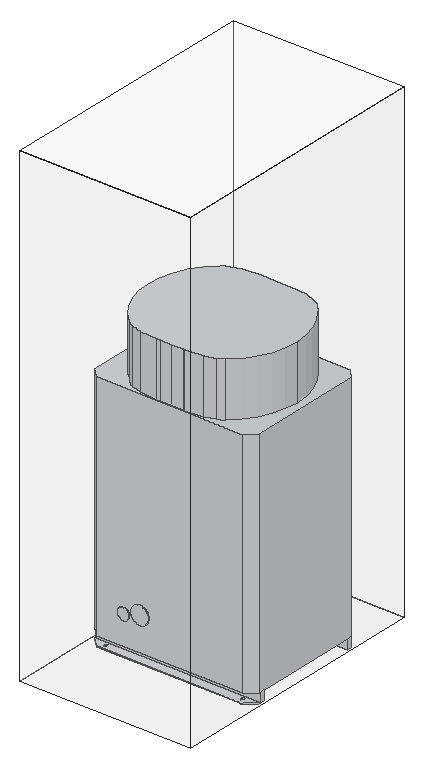
Revit family "室外機（高効率EX60Hz）_MEE修正", category 機械設備, Revit 2019
Family settings
  丸型コネクタ寸法 = 直径を使用
  パーツ タイプ = 標準
  OmniClass 番号 = 23.75.10.24.21.27.27
  OmniClass タイトル = Split System Air Conditioning Units
  作業面ベース = いいえ
  常に垂直 = はい
  ロード時にボイドで切り取り = いいえ
  共有 = いいえ
  部屋計算ポイント = いいえ
Parameters (values of type "PUHY-EP140DMG7_タイプA")
  風量（m3／min） = 165
  風量 = MAX風量  # 9900.0 m³/h
  音響パワーレベル(dB) = 76
  電源種別 = ""
  電源位置2Y（ユニット3） = 121 mm
  電源位置2Y（ユニット2） = 121 mm
  電源位置2Y（ユニット1） = 121 mm
  電源位置2X（ユニット3） = 177 mm
  電源位置2X（ユニット2） = 177 mm
  電源位置2X（ユニット1） = 177 mm
  電源位置1Z（ユニット3） = 217 mm
  電源位置1Z（ユニット2） = 217 mm
  電源位置1Z（ユニット1） = 217 mm
  電源位置1X（ユニット3） = 201 mm
  電源位置1X（ユニット2） = 201 mm
  電源位置1X（ユニット1） = 201 mm
  電圧 = 200 V
  電動機出力_送風機 = 0.35 kW
  電動機出力_圧縮機 = 3.77 kW
  集中コントローラ [instance] = ""
  運転質量 = 0.00 kg
  運転方法 = "冷暖切替"
  質量 = if(製品質量 > 運転質量, 製品質量, 運転質量) * 1.2  # 202.80 kg
  負荷分類 = 1_熱源類
  説明 = "ビル用マルチエアコン　Y　GR高効率EX　室外機"
  設計暖房能力 [instance] = 0 kW
  設計冷房能力_顕熱 [instance] = 0 kW
  設計冷房能力 [instance] = 0 kW
  設置方法 = "床置形"
  記号 [instance] = ""
  製造元 = "三菱電機株式会社"
  製品質量 = 169.00 kg
  製品出荷対象 = "国内"
  製品リリース年月 = "2020/7/22"
  製品グループ = ""
  系統 [instance] = ""
  符号 = "EHP"
  積算_科目 = "1 空気調和設備"
  積算_拾い区分 [instance] = ""
  相 = 3
  盤記号 [instance] = ""
  発停方法 = "付属スイッチ"
  特殊仕様 [instance] = ""
  消費電力_暖房 = 4.76 kW
  消費電力_冷房 = 3.6 kW
  消費電力 = if(消費電力_冷房 > 消費電力_暖房, 消費電力_冷房, 消費電力_暖房)  # 4.76 kW
  法定耐用年数 = "15"
  極数 = 3
  材質 [instance] = ""
  本体マテリアル = none
  最小電線太さ_mm2 = 5.5
  最大電流値 = 0 A
  暖房能力 = 16 kW
  推奨ブレーカー容量 = 30 A
  据付ピッチ1 = 0 mm
  形式 = "マルチパッケージ形 室外機"
  幹線記号 [instance] = ""
  始動方式 = ""
  呼称 = "マルチパッケージ形空気調和機"
  周波数 = 60 Hz
  参照している仕様書等のバージョン = "公共建築工事標準仕様書（機械設備工事編）平成31年度版"
  分類コード = "50053003300020"
  分類グループ = ""
  冷房能力 = 14 kW
  冷媒管（液）位置2 (ユニット3) = 147 mm
  冷媒管（液）位置2 (ユニット2) = 147 mm
  冷媒管（液）位置1 (ユニット3） = 251 mm
  冷媒管（ガス）位置2 (ユニット3) = 137 mm
  冷媒管（ガス）位置2 (ユニット2) = 137 mm
  冷媒管（ガス）位置1 (ユニット3) = 83 mm
  冷媒管（ガス）位置1 (ユニット1) = 83 mm
  冷媒管（液）位置1 (ユニット1) = 251 mm
  冷媒管（液）位置2 (ユニット1) = 147 mm
  冷媒管（ガス）位置2 (ユニット1) = 137 mm
  冷媒管（ガス）位置1 (ユニット2) = 83 mm
  冷媒管（液）位置1 (ユニット2） = 251 mm
  冷媒管長 [instance] = 0 mm
  冷媒管径符号 = "Bd"
  冷媒管径3 = 100.00 mm
  冷媒管径2 = 100.00 mm
  冷媒管径 = 100.00 mm
  冷媒管位置3 (ユニット3) = 242 mm
  冷媒管位置3 (ユニット2) = 242 mm
  冷媒管位置3 (ユニット1) = 242 mm
  冷媒管位置2 (ユニット3) = 142 mm
  冷媒管位置2 (ユニット2) = 142 mm
  冷媒管位置1 (ユニット2) = 292.5 mm
  冷媒管位置2 (ユニット1) = 142 mm
  冷媒管位置1 (ユニット3) = 292.5 mm
  冷媒管位置1 (ユニット1) = 292.5 mm
  冷媒液管径3 = 9.52 mm
  冷媒液管径2 = 9.52 mm
  冷媒液管径 = 9.52 mm
  冷媒ガス管径3 = 15.88 mm
  冷媒ガス管径2 = 15.88 mm
  冷媒ガス管径 = 15.88 mm
  企業コード = "108420"
  付属品 [instance] = ""
  仕様書バージョン = "Version1.0"
  ユニット隙間 = if(サービススペース_タイプA, 30 mm, 100 mm)  # 30 mm
  ユニット数 = 1
  ユニットタイプ3 = 筐体モジュール（高効率EX） : 140筐体
  ユニットタイプ2 = 筐体モジュール（高効率EX） : 140筐体
  ユニットタイプ1 = 筐体モジュール（高効率EX） : 140筐体
  ユニット3_S = no
  ユニット3_L = no
  ユニット3 = no
  ユニット2_S = no
  ユニット2_L = no
  ユニット2 = no
  ユニット1_S = no
  ユニット1_L = no
  モデル = "PUHY-EP140DMG7"
  ドレン管径 = 0.00 mm
  サービススペース_タイプA = yes
  サービススペース = yes
  コメント [instance] = ""
  ケーブル種類 = ""
  ケーブルサイズ = 0 mm
  アンカーボルト位置Y（ユニット3） = 681 mm
  アンカーボルト位置Y（ユニット2） = 681 mm
  アンカーボルト位置Y（ユニット1） = 681 mm
  アンカーボルト位置X（ユニット3） = 760 mm
  アンカーボルト位置X（ユニット2） = 760 mm
  アンカーボルト位置X（ユニット1） = 760 mm
  Width3 = 920 mm
  Width2 = 920 mm
  Width1 = 920 mm
  Width = if(ユニット3, Width1 + Width2 + Width3 + 2 * ユニット隙間, if(ユニット2, Width1 + Width2 + 1 * ユニット隙間, Width1))  # 920 mm
  Version = ""
  Uniclass2015Version = "Systems v1.9"
  Uniclass2015Title = "Split coil remote air cooled condensing units"
  Uniclass2015Code = "Pr_70_65_03_84"
  URL = "https://www.mitsubishielectric.co.jp/ldg/wink/ssl/displayProduct.do?pid=307677"
  SpecificationReference = ""
  SpecificationDescription = ""
  Revision = ""
  ProductInformation = ""
  OmniClassCode = "23-75 10 24 21 27 27"
  MAX風量 = 風量（m3／min） * 60.0 m³/h  # 9900.0 m³/h
  IfcTypeProduct = ""
  IfcProduct = ""
  IfcExportType = "AIRCONDITIONINGUNIT"
  IfcExportAs = "IfcUnitaryEquipmentType"
  Height = 1650 mm
  Depth = 740 mm
  Clearance Top [instance] = if(サービススペース_タイプA, 1000 mm, 1000 mm)  # 1000 mm
  Clearance Right [instance] = if(サービススペース_タイプA, 15 mm, 50 mm)  # 15 mm
  Clearance Left [instance] = if(サービススペース_タイプA, 15 mm, 50 mm)  # 15 mm
  Clearance Front [instance] = if(サービススペース_タイプA, 450 mm, 450 mm)  # 450 mm
  Clearance Back [instance] = if(サービススペース_タイプA, 300 mm, 100 mm)  # 300 mm
  COP = 0
  Author = "三菱電機株式会社"
  APF = 5.7
Reference planes
  plane 1 "中心(正面/背面)": y = 0
  plane 2: z = 0
  plane 3 "中心(左/右)": x = 2230
  plane 4 "右": x = 2690
  plane 5 "左": x = 1770
  plane 6 "背面": y = 370
  plane 7 "正面": y = -370
  plane 8: z = 1347
  plane 9 "上部": z = 1650
  plane 10 "Clearanse Top": z = 2650
  plane 11: x = 162.5
  plane 12 "冷媒操作弁ガス芯2": y = -228
  plane 13 "冷媒操作弁液芯2": y = -228
  plane 14 "SS_back": y = 670
  plane 15 "SS_front": y = -820
  plane 16 "SS_left": x = 1755
  plane 17 "SS_right": x = 2705
  plane 18: x = 790
  plane 19: x = 820
  plane 20: x = 1740
  plane 21: x = 1770
  plane 22: x = -130
  plane 23: x = 1112.5
  plane 24: x = 2062.5
  plane 25: x = 330
  plane 26: x = 1280
  plane 27: x = 2230
  plane 28: z = 53
  plane 29: z = 242
  plane 30: y = -228
  plane 31: z = 54
  plane 32: z = 242
  plane 33: z = 242
  plane 34: z = 217
  plane 35: z = 217
  plane 36: z = 217
  plane 37: y = -249
  plane 38: y = -249
  plane 39: y = -249
  plane 40: x = 1947
  plane 41: x = 997
  plane 42: x = 47
  plane 43: x = 71
  plane 44: x = 1021
  plane 45: x = 1971
Forms (mm)
  Extrusion 1, solid, detail levels fine
    sketch origin (0, -370, 0) x (1, 0, 0) y (0, 0, 1)
      loop
        circle (2062.5, 242) r 50
    from 0 to 1
  Extrusion 2, solid, visible <- "ユニット2", detail levels fine
    sketch origin (0, -370, 0) x (1, 0, 0) y (0, 0, 1)
      loop
        circle (1112.5, 242) r 50
    from 0 to 1
  Extrusion 3, solid, visible <- "ユニット3", detail levels fine
    sketch origin (0, -370, 0) x (1, 0, 0) y (0, 0, 1)
      loop
        circle (162.5, 242) r 50
    from 0 to 1
  Extrusion 4, solid, detail levels fine
    sketch origin (-1437.329, -1524, 54) x (-1, 0, 0) y (0, -1, 0)
      loop
        circle (-3499.829, -1296) r 50
    from 0 to -1
  Extrusion 5, solid, visible <- "ユニット2", detail levels fine
    sketch origin (-1437.329, -1524, 54) x (-1, 0, 0) y (0, -1, 0)
      loop
        circle (-2549.829, -1296) r 50
    from 0 to -1
  Extrusion 6, solid, visible <- "ユニット3", detail levels fine
    sketch origin (-1437.329, -1524, 54) x (-1, 0, 0) y (0, -1, 0)
      loop
        circle (-1599.829, -1296) r 50
    from 0 to -1
  Extrusion 7, solid, detail levels fine
    sketch origin (-1437.329, -1524, 54) x (-1, 0, 0) y (0, -1, 0)
      loop
        circle (-3384.329, -1275) r 32.5
    from -1 to 0
  Extrusion 8, solid, visible <- "ユニット2", detail levels fine
    sketch origin (-1437.329, -1524, 54) x (-1, 0, 0) y (0, -1, 0)
      loop
        circle (-2434.329, -1275) r 32.5
    from -1 to 0
  Extrusion 9, solid, visible <- "ユニット3", detail levels fine
    sketch origin (-1437.329, -1524, 54) x (-1, 0, 0) y (0, -1, 0)
      loop
        circle (-1484.329, -1275) r 32.5
    from -1 to 0
  Extrusion 10, solid, detail levels fine
    sketch origin (0, -370, 0) x (1, 0, 0) y (0, 0, 1)
      loop
        circle (1971, 217) r 32.5
    from 0 to 1
  Extrusion 11, solid, visible <- "ユニット2", detail levels fine
    sketch origin (0, -370, 0) x (1, 0, 0) y (0, 0, 1)
      loop
        circle (1021, 217) r 32.5
    from 0 to 1
  Extrusion 12, solid, visible <- "ユニット3", detail levels fine
    sketch origin (0, -370, 0) x (1, 0, 0) y (0, 0, 1)
      loop
        circle (71, 217) r 32.5
    from 0 to 1
Lines and regions (mm)
  model lines, not visible
    curve 1: line (460, 178.667, 1289.179) -> (460, 297.73, 1289.179)
    curve 2: line (460, 178.667, 1056.056) -> (460, 178.667, 1289.179)
    curve 3: line (460, 297.73, 1056.056) -> (460, 178.667, 1056.056)
    curve 4: line (460, 297.73, 1289.179) -> (460, 297.73, 1056.056)
    curve 5: line (460, 47.598, 1289.179) -> (460, 166.661, 1289.179)
    curve 6: line (460, 47.598, 1056.056) -> (460, 47.598, 1289.179)
    curve 7: line (460, 166.661, 1056.056) -> (460, 47.598, 1056.056)
    curve 8: line (460, 166.661, 1289.179) -> (460, 166.661, 1056.056)
    curve 9: line (460, -83.471, 1289.179) -> (460, 35.592, 1289.179)
    curve 10: line (460, -83.471, 1056.056) -> (460, -83.471, 1289.179)
    curve 11: line (460, 35.592, 1056.056) -> (460, -83.471, 1056.056)
    curve 12: line (460, 35.592, 1289.179) -> (460, 35.592, 1056.056)
    curve 13: line (460, -150.779, 1289.179) -> (460, -95.75, 1289.179)
    curve 14: line (460, -150.779, 1056.056) -> (460, -150.779, 1289.179)
    curve 15: line (460, -95.75, 1056.056) -> (460, -150.779, 1056.056)
    curve 16: line (460, -95.75, 1289.179) -> (460, -95.75, 1056.056)
    curve 17: line (460, -150.779, 1283.175) -> (460, -132.596, 1283.175)
    curve 18: line (460, -150.779, 1062.059) -> (460, -150.779, 1283.175)
    curve 19: line (460, -132.596, 1062.059) -> (460, -150.779, 1062.059)
    curve 20: line (460, -132.596, 1283.175) -> (460, -132.596, 1062.059)
    curve 21: line (460, 178.667, 1046.051) -> (460, 297.73, 1046.051)
    curve 22: line (460, 178.667, 812.928) -> (460, 178.667, 1046.051)
    curve 23: line (460, 297.73, 812.928) -> (460, 178.667, 812.928)
    curve 24: line (460, 297.73, 1046.051) -> (460, 297.73, 812.928)
    curve 25: line (460, 47.598, 1046.051) -> (460, 166.661, 1046.051)
    curve 26: line (460, 47.598, 812.928) -> (460, 47.598, 1046.051)
    curve 27: line (460, 166.661, 812.928) -> (460, 47.598, 812.928)
    curve 28: line (460, 166.661, 1046.051) -> (460, 166.661, 812.928)
    curve 29: line (460, -83.471, 1046.051) -> (460, 35.592, 1046.051)
    curve 30: line (460, -83.471, 812.928) -> (460, -83.471, 1046.051)
    curve 31: line (460, 35.592, 812.928) -> (460, -83.471, 812.928)
    curve 32: line (460, 35.592, 1046.051) -> (460, 35.592, 812.928)
    curve 33: line (460, -150.779, 1046.051) -> (460, -95.75, 1046.051)
    curve 34: line (460, -150.779, 812.928) -> (460, -150.779, 1046.051)
    curve 35: line (460, -95.75, 812.928) -> (460, -150.779, 812.928)
    curve 36: line (460, -95.75, 1046.051) -> (460, -95.75, 812.928)
    curve 37: line (460, -150.779, 1040.048) -> (460, -132.596, 1040.048)
    curve 38: line (460, -150.779, 818.931) -> (460, -150.779, 1040.048)
    curve 39: line (460, -132.596, 818.931) -> (460, -150.779, 818.931)
    curve 40: line (460, -132.596, 1040.048) -> (460, -132.596, 818.931)
    curve 41: line (460, 178.667, 802.923) -> (460, 297.73, 802.923)
    curve 42: line (460, 178.667, 569.8) -> (460, 178.667, 802.923)
    curve 43: line (460, 297.73, 569.8) -> (460, 178.667, 569.8)
    curve 44: line (460, 297.73, 802.923) -> (460, 297.73, 569.8)
    curve 45: line (460, 47.598, 802.923) -> (460, 166.661, 802.923)
    curve 46: line (460, 47.598, 569.8) -> (460, 47.598, 802.923)
    curve 47: line (460, 166.661, 569.8) -> (460, 47.598, 569.8)
    curve 48: line (460, 166.661, 802.923) -> (460, 166.661, 569.8)
    curve 49: line (460, -83.471, 802.923) -> (460, 35.592, 802.923)
    curve 50: line (460, -83.471, 569.8) -> (460, -83.471, 802.923)
    curve 51: line (460, 35.592, 569.8) -> (460, -83.471, 569.8)
    curve 52: line (460, 35.592, 802.923) -> (460, 35.592, 569.8)
    curve 53: line (460, -150.779, 802.923) -> (460, -95.75, 802.923)
    curve 54: line (460, -150.779, 569.8) -> (460, -150.779, 802.923)
    curve 55: line (460, -95.75, 569.8) -> (460, -150.779, 569.8)
    curve 56: line (460, -95.75, 802.923) -> (460, -95.75, 569.8)
    curve 57: line (460, -150.779, 796.92) -> (460, -132.596, 796.92)
    curve 58: line (460, -150.779, 575.803) -> (460, -150.779, 796.92)
    curve 59: line (460, -132.596, 575.803) -> (460, -150.779, 575.803)
    curve 60: line (460, -132.596, 796.92) -> (460, -132.596, 575.803)
    curve 61: line (460, 178.667, 559.795) -> (460, 297.73, 559.795)
    curve 62: line (460, 178.667, 326.672) -> (460, 178.667, 559.795)
    curve 63: line (460, 297.73, 326.672) -> (460, 178.667, 326.672)
    curve 64: line (460, 297.73, 559.795) -> (460, 297.73, 326.672)
    curve 65: line (460, 47.598, 559.795) -> (460, 166.661, 559.795)
    curve 66: line (460, 47.598, 326.672) -> (460, 47.598, 559.795)
    curve 67: line (460, 166.661, 326.672) -> (460, 47.598, 326.672)
    curve 68: line (460, 166.661, 559.795) -> (460, 166.661, 326.672)
    curve 69: line (460, -83.471, 559.795) -> (460, 35.592, 559.795)
    curve 70: line (460, -83.471, 326.672) -> (460, -83.471, 559.795)
    curve 71: line (460, 35.592, 326.672) -> (460, -83.471, 326.672)
    curve 72: line (460, 35.592, 559.795) -> (460, 35.592, 326.672)
    curve 73: line (460, -150.779, 559.795) -> (460, -95.75, 559.795)
    curve 74: line (460, -150.779, 326.672) -> (460, -150.779, 559.795)
    curve 75: line (460, -95.75, 326.672) -> (460, -150.779, 326.672)
    curve 76: line (460, -95.75, 559.795) -> (460, -95.75, 326.672)
    curve 77: line (460, -150.779, 553.792) -> (460, -132.596, 553.792)
    curve 78: line (460, -150.779, 332.675) -> (460, -150.779, 553.792)
    curve 79: line (460, -132.596, 332.675) -> (460, -150.779, 332.675)
    curve 80: line (460, -132.596, 553.792) -> (460, -132.596, 332.675)
    curve 81: line (460, 178.667, 316.667) -> (460, 297.73, 316.667)
    curve 82: line (460, 178.667, 83.544) -> (460, 178.667, 316.667)
    curve 83: line (460, 297.73, 83.544) -> (460, 178.667, 83.544)
    curve 84: line (460, 297.73, 316.667) -> (460, 297.73, 83.544)
    curve 85: line (460, 47.598, 316.667) -> (460, 166.661, 316.667)
    curve 86: line (460, 47.598, 83.544) -> (460, 47.598, 316.667)
    curve 87: line (460, 166.661, 83.544) -> (460, 47.598, 83.544)
    curve 88: line (460, 166.661, 316.667) -> (460, 166.661, 83.544)
    curve 89: line (460, -83.471, 316.667) -> (460, 35.592, 316.667)
    curve 90: line (460, -83.471, 83.544) -> (460, -83.471, 316.667)
    curve 91: line (460, 35.592, 83.544) -> (460, -83.471, 83.544)
    curve 92: line (460, 35.592, 316.667) -> (460, 35.592, 83.544)
    curve 93: line (460, -150.779, 316.667) -> (460, -95.75, 316.667)
    curve 94: line (460, -150.779, 83.544) -> (460, -150.779, 316.667)
    curve 95: line (460, -95.75, 83.544) -> (460, -150.779, 83.544)
    curve 96: line (460, -95.75, 316.667) -> (460, -95.75, 83.544)
    curve 97: line (460, -150.779, 310.664) -> (460, -132.596, 310.664)
    curve 98: line (460, -150.779, 89.547) -> (460, -150.779, 310.664)
    curve 99: line (460, -132.596, 89.547) -> (460, -150.779, 89.547)
    curve 100: line (460, -132.596, 310.664) -> (460, -132.596, 89.547)
Dimensions and locks
  plane 8 to level = 1347 mm
  equal spacing: plane 7 "正面", plane 1 "中心(正面/背面)", plane 6 "背面", locked at 370 each
  "Depth": plane 7 "正面" to plane 6 "背面"
  "Width": plane 5 "左" to plane 4 "右"
  equal spacing: plane 5 "左", plane 3 "中心(左/右)", plane 4 "右"
  "冷媒管位置2 (ユニット3)": plane 7 "正面" to plane 13 "冷媒操作弁液芯2"
  "冷媒管位置2 (ユニット2)": plane 7 "正面" to plane 12 "冷媒操作弁ガス芯2"
  "Clearance Left": plane 16 "SS_left" to plane 5 "左"
  "Clearance Right": plane 4 "右" to plane 17 "SS_right"
  "Clearance Back": plane 6 "背面" to plane 14 "SS_back"
  "Clearance Front": plane 15 "SS_front" to plane 7 "正面"
  "Clearance Top": plane 10 "Clearanse Top" to plane 9 "上部"
  "Height": plane 9 "上部" to plane 2
  plane 9 "上部" to plane 8 = 303 mm
  "ユニット隙間": plane 18 to plane 19
  "Width2": plane 19 to plane 20
  "ユニット隙間": plane 20 to plane 21
  "Width3": plane 22 to plane 18
  "Width1": plane 21 to plane 4 "右"
  "冷媒管位置1 (ユニット2)": plane 19 to plane 23
  "冷媒管位置1 (ユニット1)": plane 21 to plane 24
  "冷媒管位置1 (ユニット3)": plane 22 to plane 11
  equal spacing: plane 22, plane 25, plane 18
  equal spacing: plane 19, plane 26, plane 20
  equal spacing: plane 21, plane 27, plane 4 "右"
  "冷媒管位置2 (ユニット1)": plane 7 "正面" to plane 30
  plane 31 to level = 54 mm
  "冷媒管位置3 (ユニット1)": plane 29 to level
  locked: plane 31 to plane 28 at 1
  "冷媒管位置3 (ユニット2)": plane 32 to level
  "冷媒管位置3 (ユニット3)": plane 33 to level
  "電源位置1Z（ユニット1）": plane 36 to level
  "電源位置1Z（ユニット2）": plane 35 to level
  "電源位置1Z（ユニット3）": plane 34 to level
  "電源位置2Y（ユニット1）": plane 7 "正面" to plane 37
  "電源位置2Y（ユニット2）": plane 7 "正面" to plane 38
  "電源位置2Y（ユニット3）": plane 7 "正面" to plane 39
  "電源位置2X（ユニット3）": plane 22 to plane 42
  "電源位置2X（ユニット2）": plane 19 to plane 41
  "電源位置2X（ユニット1）": plane 21 to plane 40
  "電源位置1X（ユニット1）": plane 45 to plane 21
  "電源位置1X（ユニット2）": plane 44 to plane 19
  "電源位置1X（ユニット3）": plane 43 to plane 22
  "冷媒管径": diameter of Extrusion 1 sketch curve
  "冷媒管径2": diameter of Extrusion 2 sketch curve
  "冷媒管径3": diameter of Extrusion 3 sketch curve
  "冷媒管径": diameter of Extrusion 4 sketch curve
  "冷媒管径2": diameter of Extrusion 5 sketch curve
  "冷媒管径3": diameter of Extrusion 6 sketch curve
  radius of Extrusion 7 sketch curve = 32.5 mm
  radius of Extrusion 8 sketch curve = 32.5 mm
  radius of Extrusion 9 sketch curve = 32.5 mm
  radius of Extrusion 10 sketch curve = 32.5 mm
  radius of Extrusion 11 sketch curve = 32.5 mm
  radius of Extrusion 12 sketch curve = 32.5 mm
  aligned and locked: level to plane 2
  aligned and locked: plane 14 "SS_back" to nested 1  (x2)
  aligned and locked: plane 17 "SS_right" to nested 1
  aligned and locked: plane 16 "SS_left" to nested 1  (x2)
  aligned and locked: nested 1 to plane 17 "SS_right"
  aligned and locked: plane 15 "SS_front" to nested 1
  aligned and locked: plane 1 "中心(正面/背面)" to nested 2
  aligned and locked: plane 10 "Clearanse Top" to nested 1
  aligned and locked: nested 1 to plane 2
  aligned and locked: plane 6 "背面" to nested 4
  aligned and locked: plane 7 "正面" to nested 4
  aligned and locked: plane 25 to nested 2
  aligned and locked: plane 26 to nested 3
  aligned and locked: plane 27 to nested 4
  aligned and locked: plane 1 "中心(正面/背面)" to nested 4
  aligned and locked: plane 1 "中心(正面/背面)" to nested 3
  aligned and locked: plane 29 to Extrusion 1 sketch curve
  aligned and locked: plane 24 to Extrusion 1 sketch curve
  aligned and locked: plane 23 to Extrusion 2 sketch curve
  aligned and locked: plane 11 to Extrusion 3 sketch curve
  aligned and locked: plane 30 to Extrusion 4 sketch curve
  aligned and locked: plane 24 to Extrusion 4 sketch curve
  aligned and locked: plane 12 "冷媒操作弁ガス芯2" to Extrusion 5 sketch curve
  aligned and locked: plane 23 to Extrusion 5 sketch curve
  aligned and locked: plane 13 "冷媒操作弁液芯2" to Extrusion 6 sketch curve
  aligned and locked: plane 11 to Extrusion 6 sketch curve
  aligned and locked: plane 32 to Extrusion 2 sketch curve
  aligned and locked: plane 33 to Extrusion 3 sketch curve
  aligned and locked: plane 37 to Extrusion 7 sketch curve
  aligned and locked: plane 40 to Extrusion 7 sketch curve
  aligned and locked: plane 38 to Extrusion 8 sketch curve
  aligned and locked: plane 41 to Extrusion 8 sketch curve
  aligned and locked: plane 39 to Extrusion 9 sketch curve
  aligned and locked: plane 42 to Extrusion 9 sketch curve
  aligned and locked: plane 31 to Extrusion 7
  aligned and locked: Extrusion 7 to plane 28
  aligned and locked: plane 31 to Extrusion 8
  aligned and locked: Extrusion 8 to plane 28
  aligned and locked: plane 31 to Extrusion 9
  aligned and locked: Extrusion 9 to plane 28
  aligned and locked: plane 36 to Extrusion 10 sketch curve
  aligned and locked: plane 45 to Extrusion 10 sketch curve
  aligned and locked: plane 35 to Extrusion 11 sketch curve
  aligned and locked: plane 44 to Extrusion 11 sketch curve
  aligned and locked: plane 34 to Extrusion 12 sketch curve
  aligned and locked: plane 43 to Extrusion 12 sketch curve
  aligned and locked: Extrusion 10 to plane 7 "正面"
  aligned and locked: Extrusion 10 to Extrusion 1
  aligned and locked: Extrusion 11 to plane 7 "正面"
  aligned and locked: Extrusion 11 to Extrusion 2
  aligned and locked: Extrusion 12 to plane 7 "正面"
  aligned and locked: Extrusion 12 to Extrusion 3
Nested families
  nested 1: "サービススペース" at (2230, -75, 1325), visible <- "サービススペース", type "サービススペース"
    with Width 950 mm, Height 2650 mm, Depth 1490 mm
  nested 2: "筐体モジュール（高効率EX）" at (330, 0, 0), 冷媒ガス管径 <- "冷媒ガス管径3", 冷媒液管径 <- "冷媒液管径3", Width <- "Width3", Depth <- "Depth", Height <- "Height", type <- "ユニットタイプ3", 冷媒ガス_X <- "冷媒管（ガス）位置1 (ユニット3)", 冷媒ガス_Y <- "冷媒管（ガス）位置2 (ユニット3)", 冷媒液_X <- "冷媒管（液）位置1 (ユニット3）", 冷媒液_Y <- "冷媒管（液）位置2 (ユニット3)", 冷媒管径 <- "冷媒管径3", 冷媒管径_X <- "冷媒管位置1 (ユニット3)", 冷媒管径_Y <- "冷媒管位置2 (ユニット3)", 冷媒管径_Z <- "冷媒管位置3 (ユニット3)", ユニット2 <- "ユニット3", type "140筐体"
    with 冷媒管径_Z 242 mm, 冷媒管径_Y 142 mm, 冷媒管径_X 292.5 mm, 冷媒管径 100 mm, 冷媒液管径 9.52 mm, 冷媒液_Z 262 mm, 冷媒液_Y 147 mm, 冷媒液_X 251 mm, 冷媒ガス管径 15.88 mm, 冷媒ガス_Z 222 mm, 冷媒ガス_Y 137 mm, 冷媒ガス_X 83 mm, ユニット234X no, ユニット2 no, Width 920 mm, Height 1650 mm, Depth 740 mm
  nested 3: "筐体モジュール（高効率EX）" at (1280, 0, 0), 冷媒ガス管径 <- "冷媒ガス管径2", 冷媒液管径 <- "冷媒液管径2", Width <- "Width2", Depth <- "Depth", Height <- "Height", type <- "ユニットタイプ2", 冷媒ガス_X <- "冷媒管（ガス）位置1 (ユニット2)", 冷媒ガス_Y <- "冷媒管（ガス）位置2 (ユニット2)", 冷媒液_X <- "冷媒管（液）位置1 (ユニット2）", 冷媒液_Y <- "冷媒管（液）位置2 (ユニット2)", 冷媒管径 <- "冷媒管径2", 冷媒管径_X <- "冷媒管位置1 (ユニット2)", 冷媒管径_Y <- "冷媒管位置2 (ユニット2)", 冷媒管径_Z <- "冷媒管位置3 (ユニット2)", ユニット2 <- "ユニット2", type "140筐体"
    with 冷媒管径_Z 242 mm, 冷媒管径_Y 142 mm, 冷媒管径_X 292.5 mm, 冷媒管径 100 mm, 冷媒液管径 9.52 mm, 冷媒液_Z 262 mm, 冷媒液_Y 147 mm, 冷媒液_X 251 mm, 冷媒ガス管径 15.88 mm, 冷媒ガス_Z 222 mm, 冷媒ガス_Y 137 mm, 冷媒ガス_X 83 mm, ユニット234X no, ユニット2 no, Width 920 mm, Height 1650 mm, Depth 740 mm
  nested 4: "筐体モジュール（高効率EX）" at (2230, 0, 0), 冷媒ガス管径 <- "冷媒ガス管径", 冷媒液管径 <- "冷媒液管径", Depth <- "Depth", Height <- "Height", Width <- "Width1", type <- "ユニットタイプ1", 冷媒ガス_X <- "冷媒管（ガス）位置1 (ユニット1)", 冷媒ガス_Y <- "冷媒管（ガス）位置2 (ユニット1)", 冷媒液_X <- "冷媒管（液）位置1 (ユニット1)", 冷媒液_Y <- "冷媒管（液）位置2 (ユニット1)", 冷媒管径 <- "冷媒管径", 冷媒管径_X <- "冷媒管位置1 (ユニット1)", 冷媒管径_Y <- "冷媒管位置2 (ユニット1)", 冷媒管径_Z <- "冷媒管位置3 (ユニット1)", type "140筐体"
    with 冷媒管径_Z 242 mm, 冷媒管径_Y 142 mm, 冷媒管径_X 292.5 mm, 冷媒管径 100 mm, 冷媒液管径 9.52 mm, 冷媒液_Z 262 mm, 冷媒液_Y 147 mm, 冷媒液_X 251 mm, 冷媒ガス管径 15.88 mm, 冷媒ガス_Z 222 mm, 冷媒ガス_Y 137 mm, 冷媒ガス_X 83 mm, ユニット234X yes, ユニット2 yes, Width 920 mm, Height 1650 mm, Depth 740 mm
Connectors
  piping at (162.5, -228, 53), diameter 100, driven by "冷媒管径3", driven by "冷媒管径符号"
    settings: on Extrusion 6, index 6, connector inside diameter 609.60 mm, connector length 0 mm, flow factor 0, pipe flow 0.0 L/s, pressure drop 0.0 Pa, fitting loss kfactor 0, connector angle 0.00°, fixture units 0, engagement length 0 mm, angle of deflection 0.00°, flow configuration 1, flow direction 2, fitting loss method 4, system type 7, joint type 0, gender type 0, connector reference index -1, connector utility 0, adjustable connector no, is connector primary yes, connector description "Bd"
  piping at (2062.5, -228, 53), diameter 100, driven by "冷媒管径", driven by "冷媒管径符号"
    settings: on Extrusion 4, index 7, connector inside diameter 609.60 mm, connector length 0 mm, flow factor 0, pipe flow 0.0 L/s, pressure drop 0.0 Pa, fitting loss kfactor 0, connector angle 0.00°, fixture units 0, engagement length 0 mm, angle of deflection 0.00°, flow configuration 1, flow direction 2, fitting loss method 4, system type 7, joint type 0, gender type 0, connector reference index -1, connector utility 0, adjustable connector no, is connector primary no, connector description "Bd"
  piping at (1112.5, -228, 53), diameter 100, driven by "冷媒管径2", driven by "冷媒管径符号"
    settings: on Extrusion 5, index 8, connector inside diameter 609.60 mm, connector length 0 mm, flow factor 0, pipe flow 0.0 L/s, pressure drop 0.0 Pa, fitting loss kfactor 0, connector angle 0.00°, fixture units 0, engagement length 0 mm, angle of deflection 0.00°, flow configuration 1, flow direction 2, fitting loss method 4, system type 7, joint type 0, gender type 0, connector reference index -1, connector utility 0, adjustable connector no, is connector primary no, connector description "Bd"
  piping at (162.5, -371, 242), diameter 100, driven by "冷媒管径3", driven by "冷媒管径符号"
    settings: on Extrusion 3, index 9, connector inside diameter 609.60 mm, connector length 0 mm, flow factor 0, pipe flow 0.0 L/s, pressure drop 0.0 Pa, fitting loss kfactor 0, connector angle 0.00°, fixture units 0, engagement length 0 mm, angle of deflection 0.00°, flow configuration 1, flow direction 2, fitting loss method 4, system type 7, joint type 0, gender type 0, connector reference index -1, connector utility 0, adjustable connector no, is connector primary no, connector description "Bd"
  piping at (1112.5, -371, 242), diameter 100, driven by "冷媒管径2", driven by "冷媒管径符号"
    settings: on Extrusion 2, index 10, connector inside diameter 609.60 mm, connector length 0 mm, flow factor 0, pipe flow 0.0 L/s, pressure drop 0.0 Pa, fitting loss kfactor 0, connector angle 0.00°, fixture units 0, engagement length 0 mm, angle of deflection 0.00°, flow configuration 1, flow direction 2, fitting loss method 4, system type 7, joint type 0, gender type 0, connector reference index -1, connector utility 0, adjustable connector no, is connector primary no, connector description "Bd"
  piping at (2062.5, -371, 242), diameter 100, driven by "冷媒管径", driven by "冷媒管径符号"
    settings: on Extrusion 1, index 11, connector inside diameter 609.60 mm, connector length 0 mm, flow factor 0, pipe flow 0.0 L/s, pressure drop 0.0 Pa, fitting loss kfactor 0, connector angle 0.00°, fixture units 0, engagement length 0 mm, angle of deflection 0.00°, flow configuration 1, flow direction 2, fitting loss method 4, system type 7, joint type 0, gender type 0, connector reference index -1, connector utility 0, adjustable connector no, is connector primary no, connector description "Bd"
  electrical at (1971, -371, 217), driven by "極数", driven by "負荷分類", driven by "電圧", driven by "消費電力"
    settings: on Extrusion 10, index 12, voltage 200 V, apparent load 4760 VA, apparent load phase1 0 VA, apparent load phase2 0 VA, apparent load phase3 0 VA, power factor 1, load classification "1_熱源類", number of poles 3, system type 30, power factor state 1, is connector primary yes, connector utility no, sub classification motor no, connector description ""
  electrical at (1021, -371, 217), driven by "極数", driven by "負荷分類", driven by "電圧", driven by "消費電力"
    settings: on Extrusion 11, index 13, voltage 200 V, apparent load 4760 VA, apparent load phase1 0 VA, apparent load phase2 0 VA, apparent load phase3 0 VA, power factor 1, load classification "1_熱源類", number of poles 3, system type 30, power factor state 1, is connector primary no, connector utility no, sub classification motor no, connector description ""
  electrical at (71, -371, 217), driven by "極数", driven by "負荷分類", driven by "電圧", driven by "消費電力"
    settings: on Extrusion 12, index 14, voltage 200 V, apparent load 4760 VA, apparent load phase1 0 VA, apparent load phase2 0 VA, apparent load phase3 0 VA, power factor 1, load classification "1_熱源類", number of poles 3, system type 30, power factor state 1, is connector primary no, connector utility no, sub classification motor no, connector description ""
  electrical at (1947, -249, 53), driven by "極数", driven by "負荷分類", driven by "電圧", driven by "消費電力"
    settings: on Extrusion 7, index 15, voltage 200 V, apparent load 4760 VA, apparent load phase1 0 VA, apparent load phase2 0 VA, apparent load phase3 0 VA, power factor 1, load classification "1_熱源類", number of poles 3, system type 30, power factor state 1, is connector primary no, connector utility no, sub classification motor no, connector description ""
  electrical at (997, -249, 53), driven by "極数", driven by "負荷分類", driven by "電圧", driven by "消費電力"
    settings: on Extrusion 8, index 16, voltage 200 V, apparent load 4760 VA, apparent load phase1 0 VA, apparent load phase2 0 VA, apparent load phase3 0 VA, power factor 1, load classification "1_熱源類", number of poles 3, system type 30, power factor state 1, is connector primary no, connector utility no, sub classification motor no, connector description ""
  electrical at (47, -249, 53), driven by "極数", driven by "負荷分類", driven by "電圧", driven by "消費電力"
    settings: on Extrusion 9, index 17, voltage 200 V, apparent load 4760 VA, apparent load phase1 0 VA, apparent load phase2 0 VA, apparent load phase3 0 VA, power factor 1, load classification "1_熱源類", number of poles 3, system type 30, power factor state 1, is connector primary no, connector utility no, sub classification motor no, connector description ""
Definition of nested family "サービススペース"
  Parameters (values of type "サービススペース")
    Width [instance] = 500 mm
    Height [instance] = 500 mm
    Depth [instance] = 500 mm
  Reference planes
    plane 1 "中心(正面/背面)": y = 0
    plane 2: z = 0
    plane 3 "中心(左/右)": x = 0
    plane 4: y = -250
    plane 5: x = 250
    plane 6: y = 250
    plane 7: x = -250
    plane 8: z = 250
    plane 9: z = -250
  Forms (mm)
    Extrusion 1, solid
      sketch origin (-638.939, 0, 72.39) x (1, 0, 0) y (0, 1, 0)
        loop
          line (388.939, 250) -> (388.939, -250) -> (888.939, -250) -> (888.939, 250) -> (388.939, 250)
      from -322.39 to 177.61
  Lines and regions (mm)
    symbolic lines
      curve 1: line (-250, 0, 250) -> (250, 0, 250)
      curve 2: line (-250, 0, -250) -> (-250, 0, 250)
      curve 3: line (250, 0, -250) -> (-250, 0, -250)
      curve 4: line (250, 0, 250) -> (250, 0, -250)
      curve 5: line (0, -250, 250) -> (0, 250, 250)
      curve 6: line (0, -250, -250) -> (0, -250, 250)
      curve 7: line (0, 250, -250) -> (0, -250, -250)
      curve 8: line (0, 250, 250) -> (0, 250, -250)
      curve 9: line (-250, 250, 0) -> (250, 250, 0)
      curve 10: line (-250, -250, 0) -> (-250, 250, 0)
      curve 11: line (250, -250, 0) -> (-250, -250, 0)
      curve 12: line (250, 250, 0) -> (250, -250, 0)
  Dimensions and locks
    equal spacing: plane 7, plane 3 "中心(左/右)", plane 5
    equal spacing: plane 4, plane 1 "中心(正面/背面)", plane 6
    "Depth": plane 4 to plane 6
    "Width": plane 7 to plane 5
    equal spacing: plane 8, plane 2, plane 9
    "Height": plane 8 to plane 9
    aligned and locked: plane 9 to curve 3
    aligned and locked: plane 7 to curve 2
    aligned and locked: curve 4 to plane 5
    aligned and locked: plane 5 to Extrusion 1
    aligned and locked: Extrusion 1 to plane 7
    aligned and locked: Extrusion 1 to plane 9
    aligned and locked: plane 8 to Extrusion 1
    aligned and locked: plane 9 to curve 7
  Automatic sketch dimensions
    plane 4 to Extrusion 1 sketch curve = 0 mm
    Extrusion 1 sketch curve to plane 7 = 0 mm
    Extrusion 1 sketch curve to plane 5 = 0 mm
    plane 6 to Extrusion 1 sketch curve = 0 mm
    curve 2 to plane 8 = 0 mm
    plane 4 to curve 11 = 0 mm
    curve 11 to plane 7 = 0 mm
    curve 11 to plane 5 = 0 mm
    plane 6 to curve 10 = 0 mm
    curve 7 to plane 4 = 0 mm
    curve 7 to plane 6 = 0 mm
    curve 6 to plane 8 = 0 mm
Definition of nested family "筐体モジュール（高効率EX）"
  Parameters (values of type "140筐体")
    冷媒管径_Z [instance] = 242 mm
    冷媒管径_Y [instance] = 142 mm
    冷媒管径_X [instance] = 292.5 mm
    冷媒管径 [instance] = 100 mm
    冷媒液管径 [instance] = 9.52 mm
    冷媒液_Z [instance] = 262 mm
    冷媒液_Y [instance] = 147 mm
    冷媒液_X [instance] = 251 mm
    冷媒ガス管径 [instance] = 15.88 mm
    冷媒ガス_Z [instance] = 222 mm
    冷媒ガス_Y [instance] = 137 mm
    冷媒ガス_X [instance] = 83 mm
    ユニット234X [instance] = and(ユニット2, or(Width = 920 mm, Width = 1220 mm))  # yes
    ユニット2 [instance] = yes
    Width [instance] = 920 mm
    W = 920 mm
    Height [instance] = 1650 mm
    Depth [instance] = 740 mm
  Types (5, lengths in mm): name | 冷媒管径_Z | 冷媒管径_Y | 冷媒管径_X | 冷媒液_Z | 冷媒液_Y | 冷媒液_X | 冷媒ガス管径 | 冷媒ガス_Z | 冷媒ガス_Y | Width | W
    335筐体 | 197.5 | 144 | 342.5 | 223 | 143 | 301 | 22.2 | 172 | 145 | 1220 | 1220
    224筐体 | 197 | 146 | 292.5 | 222 | 147 | 251 | 19.05 | 172 | 145 | 920 | 920
    280筐体 | 197 | 146 | 292.5 | 222 | 147 | 251 | 22.2 | 172 | 145 | 920 | 920
    140筐体 | 242 | 142 | 292.5 | 262 | 147 | 251 | 15.88 | 222 | 137 | 920 | 920
    160筐体 | 242 | 142 | 292.5 | 262 | 147 | 251 | 19.05 | 222 | 137 | 920 | 920
  Reference planes
    plane 1 "中心(正面/背面)": y = 0
    plane 2: z = 0
    plane 3 "中心(左/右)": x = 0
    plane 4: y = -370
    plane 5: x = 460
    plane 6: y = 370
    plane 7: x = -460
    plane 8: z = 1347
    plane 9: z = 1650
    plane 10: y = -313
    plane 11: y = -293
    plane 12 "本体下部": z = 54
    plane 13: y = 370
    plane 14: y = 313
    plane 15: y = 293
    plane 16: y = 340.5
    plane 17: x = -380
    plane 18: x = 380
    plane 19: y = -340.5
    plane 20 "電源高さ": z = 262
    plane 21: x = -167.5
    plane 22 "冷媒操作弁液芯1": x = -209
    plane 23 "冷媒操作弁ガス芯1": x = -126
    plane 24 "冷媒管高さ": z = 242
    plane 25 "冷媒操作弁ガス芯4": z = 53
    plane 26: x = -460
    plane 27: x = 460
    plane 28: y = -233
    plane 29: y = -223
    plane 30: z = 222
    plane 31: y = -228
  Forms (mm)
    Extrusion 1, solid, visible <- "ユニット234X", detail levels fine
      sketch origin (0, 0, 0) x (1, 0, 0) y (0, 1, 0)
        loop
          line (-408.343, 370) -> (-460, 318.843) -> (-460, -318.843) -> (-408.343, -370) -> (408.343, -370) -> (460, -318.843) -> (460, 318.843) -> (408.343, 370) -> (-408.343, 370)
      from 54 to 1347
    Extrusion 2, solid, visible <- "ユニット234X", detail levels fine
      sketch origin (0, 0, 0) x (1, 0, 0) y (0, 1, 0)
        loop
          line (-460, -293) -> (-460, -313) -> (460, -313) -> (460, -293) -> (-460, -293)
      from 0 to 54
    Extrusion 3, solid, visible <- "ユニット234X", detail levels fine
      sketch origin (0, 0, 0) x (1, 0, 0) y (0, 1, 0)
        loop
          line (-460, 293) -> (460, 293) -> (460, 313) -> (-460, 313) -> (-460, 293)
      from 0 to 54
    Extrusion 4, solid, visible <- "ユニット234X", detail levels fine
      sketch origin (0, 0, 0) x (1, 0, 0) y (0, 1, 0)
        loop
          line (-460, 313) -> (460, 313) -> (460, 318.843) -> (408.343, 370) -> (-408.343, 370) -> (-460, 318.843) -> (-460, 313)
        loop
          arc (-373, 343.5) -> (-380, 350.5) -> (-387, 343.5) r 7
          line (-387, 343.5) -> (-387, 337.5)
          arc (-387, 337.5) -> (-380, 330.5) -> (-373, 337.5) r 7
          line (-373, 337.5) -> (-373, 343.5)
        loop
          arc (387, 343.5) -> (380, 350.5) -> (373, 343.5) r 7
          line (373, 343.5) -> (373, 337.5)
          arc (373, 337.5) -> (380, 330.5) -> (387, 337.5) r 7
          line (387, 337.5) -> (387, 343.5)
      from 0 to 2
    Extrusion 5, solid, visible <- "ユニット234X", detail levels fine
      sketch origin (0, 0, 0) x (1, 0, 0) y (0, 1, 0)
        loop
          line (-460, -313) -> (-460, -318.843) -> (-408.343, -370) -> (408.343, -370) -> (460, -318.843) -> (460, -313) -> (-460, -313)
        loop
          line (-373, -343.5) -> (-373, -337.5)
          arc (-373, -337.5) -> (-380, -330.5) -> (-387, -337.5) r 7
          line (-387, -337.5) -> (-387, -343.5)
          arc (-387, -343.5) -> (-380, -350.5) -> (-373, -343.5) r 7
        loop
          line (387, -343.5) -> (387, -337.5)
          arc (387, -337.5) -> (380, -330.5) -> (373, -337.5) r 7
          line (373, -337.5) -> (373, -343.5)
          arc (373, -343.5) -> (380, -350.5) -> (387, -343.5) r 7
      from 0 to 2
    Extrusion 6, solid, visible <- "ユニット234X", detail levels fine
      sketch origin (-299.5, 0, -2.5) x (1, 0, 0) y (0, 0, 1)
        loop
          circle (132, 244.5) r 50
      from 370 to 371
    Extrusion 7, solid, visible <- "ユニット234X", detail levels fine
      sketch origin (0, 0, 0) x (1, 0, 0) y (0, 1, 0)
        loop
          arc (-268.081, 316.106) -> (-376.101, 174.18) -> (-414.476, 0) r 414.476
          arc (-414.476, 0) -> (-376.101, -174.18) -> (-268.081, -316.106) r 414.476
          arc (-268.081, -316.106) -> (-250.84, -327.278) -> (-232.369, -336.274) r 168.924
          arc (-232.369, -336.274) -> (-204.68, -346.28) -> (-176.163, -353.601) r 308.609
          arc (-176.163, -353.601) -> (-128.058, -361) -> (-79.445, -363.367) r 468.429
          arc (-79.445, -363.367) -> (-71.906, -363.425) -> (-64.372, -363.142) r 167.153
          line (-64.372, -363.142) -> (0, -363.142) -> (64.372, -363.142)
          arc (64.372, -363.142) -> (71.906, -363.425) -> (79.445, -363.367) r 167.153
          arc (79.445, -363.367) -> (128.058, -361) -> (176.163, -353.601) r 468.429
          arc (176.163, -353.601) -> (204.68, -346.28) -> (232.369, -336.274) r 308.609
          arc (232.369, -336.274) -> (250.84, -327.278) -> (268.081, -316.106) r 168.924
          arc (268.081, -316.106) -> (376.101, -174.18) -> (414.476, 0) r 414.476
          arc (414.476, 0) -> (376.101, 174.18) -> (268.082, 316.106) r 414.476
          arc (268.082, 316.106) -> (250.84, 327.278) -> (232.369, 336.274) r 168.924
          arc (232.369, 336.274) -> (204.68, 346.28) -> (176.163, 353.601) r 308.609
          arc (176.163, 353.601) -> (128.058, 361) -> (79.445, 363.367) r 468.429
          line (79.445, 363.367) -> (0, 363.367) -> (-79.445, 363.367)
          arc (-79.445, 363.367) -> (-128.058, 361) -> (-176.163, 353.601) r 468.429
          arc (-176.163, 353.601) -> (-204.68, 346.28) -> (-232.369, 336.274) r 308.609
          arc (-232.369, 336.274) -> (-250.974, 327.516) -> (-268.081, 316.106) r 138.853
      from 1347 to 1650
    Extrusion 8, solid, visible <- "ユニット234X", detail levels fine
      sketch origin (0, 0, 0) x (1, 0, 0) y (0, 1, 0)
        loop
          circle (-167.5, -228) r 50
      from 53 to 54
    Extrusion 9, solid, visible <- "ユニット234X", detail levels fine
      sketch origin (0, 0, 0) x (1, 0, 0) y (0, 1, 0)
        loop
          circle (-209, -223) r 4.76
      from 53 to 54
    Extrusion 10, solid, visible <- "ユニット234X", detail levels fine
      sketch origin (0, 0, 0) x (1, 0, 0) y (0, 1, 0)
        loop
          circle (-126, -233) r 7.94
      from 53 to 54
  Lines and regions (mm)
    Masking region 1, visible <- "ユニット234X", detail levels coarse+medium
      outline origin (0, 0, 0) x (1, 0, 0) y (0, 1, 0)
        loop
          line (-408.343, 370) -> (-460, 318.843) -> (-460, -318.843) -> (-408.343, -370) -> (408.343, -370) -> (460, -318.843) -> (460, 318.843) -> (408.343, 370) -> (-408.343, 370)
    model lines, visible <- "ユニット234X", detail levels fine
      curve 1: line (460, 178.667, 1289.179) -> (460, 297.73, 1289.179)
      curve 2: line (460, 178.667, 1056.056) -> (460, 178.667, 1289.179)
      curve 3: line (460, 297.73, 1056.056) -> (460, 178.667, 1056.056)
      curve 4: line (460, 297.73, 1289.179) -> (460, 297.73, 1056.056)
      curve 5: line (460, 47.598, 1289.179) -> (460, 166.661, 1289.179)
      curve 6: line (460, 47.598, 1056.056) -> (460, 47.598, 1289.179)
      curve 7: line (460, 166.661, 1056.056) -> (460, 47.598, 1056.056)
      curve 8: line (460, 166.661, 1289.179) -> (460, 166.661, 1056.056)
      curve 9: line (460, -83.471, 1289.179) -> (460, 35.592, 1289.179)
      curve 10: line (460, -83.471, 1056.056) -> (460, -83.471, 1289.179)
      curve 11: line (460, 35.592, 1056.056) -> (460, -83.471, 1056.056)
      curve 12: line (460, 35.592, 1289.179) -> (460, 35.592, 1056.056)
      curve 13: line (460, -150.779, 1289.179) -> (460, -95.75, 1289.179)
      curve 14: line (460, -150.779, 1056.056) -> (460, -150.779, 1289.179)
      curve 15: line (460, -95.75, 1056.056) -> (460, -150.779, 1056.056)
      curve 16: line (460, -95.75, 1289.179) -> (460, -95.75, 1056.056)
      curve 17: line (460, -150.779, 1283.175) -> (460, -132.596, 1283.175)
      curve 18: line (460, -150.779, 1062.059) -> (460, -150.779, 1283.175)
      curve 19: line (460, -132.596, 1062.059) -> (460, -150.779, 1062.059)
      curve 20: line (460, -132.596, 1283.175) -> (460, -132.596, 1062.059)
      curve 21: line (460, 178.667, 1046.051) -> (460, 297.73, 1046.051)
      curve 22: line (460, 178.667, 812.928) -> (460, 178.667, 1046.051)
      curve 23: line (460, 297.73, 812.928) -> (460, 178.667, 812.928)
      curve 24: line (460, 297.73, 1046.051) -> (460, 297.73, 812.928)
      curve 25: line (460, 47.598, 1046.051) -> (460, 166.661, 1046.051)
      curve 26: line (460, 47.598, 812.928) -> (460, 47.598, 1046.051)
      curve 27: line (460, 166.661, 812.928) -> (460, 47.598, 812.928)
      curve 28: line (460, 166.661, 1046.051) -> (460, 166.661, 812.928)
      curve 29: line (460, -83.471, 1046.051) -> (460, 35.592, 1046.051)
      curve 30: line (460, -83.471, 812.928) -> (460, -83.471, 1046.051)
      curve 31: line (460, 35.592, 812.928) -> (460, -83.471, 812.928)
      curve 32: line (460, 35.592, 1046.051) -> (460, 35.592, 812.928)
      curve 33: line (460, -150.779, 1046.051) -> (460, -95.75, 1046.051)
      curve 34: line (460, -150.779, 812.928) -> (460, -150.779, 1046.051)
      curve 35: line (460, -95.75, 812.928) -> (460, -150.779, 812.928)
      curve 36: line (460, -95.75, 1046.051) -> (460, -95.75, 812.928)
      curve 37: line (460, -150.779, 1040.048) -> (460, -132.596, 1040.048)
      curve 38: line (460, -150.779, 818.931) -> (460, -150.779, 1040.048)
      curve 39: line (460, -132.596, 818.931) -> (460, -150.779, 818.931)
      curve 40: line (460, -132.596, 1040.048) -> (460, -132.596, 818.931)
      curve 41: line (460, 178.667, 802.923) -> (460, 297.73, 802.923)
      curve 42: line (460, 178.667, 569.8) -> (460, 178.667, 802.923)
      curve 43: line (460, 297.73, 569.8) -> (460, 178.667, 569.8)
      curve 44: line (460, 297.73, 802.923) -> (460, 297.73, 569.8)
      curve 45: line (460, 47.598, 802.923) -> (460, 166.661, 802.923)
      curve 46: line (460, 47.598, 569.8) -> (460, 47.598, 802.923)
      curve 47: line (460, 166.661, 569.8) -> (460, 47.598, 569.8)
      curve 48: line (460, 166.661, 802.923) -> (460, 166.661, 569.8)
      curve 49: line (460, -83.471, 802.923) -> (460, 35.592, 802.923)
      curve 50: line (460, -83.471, 569.8) -> (460, -83.471, 802.923)
      curve 51: line (460, 35.592, 569.8) -> (460, -83.471, 569.8)
      curve 52: line (460, 35.592, 802.923) -> (460, 35.592, 569.8)
      curve 53: line (460, -150.779, 802.923) -> (460, -95.75, 802.923)
      curve 54: line (460, -150.779, 569.8) -> (460, -150.779, 802.923)
      curve 55: line (460, -95.75, 569.8) -> (460, -150.779, 569.8)
      curve 56: line (460, -95.75, 802.923) -> (460, -95.75, 569.8)
      curve 57: line (460, -150.779, 796.92) -> (460, -132.596, 796.92)
      curve 58: line (460, -150.779, 575.803) -> (460, -150.779, 796.92)
      curve 59: line (460, -132.596, 575.803) -> (460, -150.779, 575.803)
      curve 60: line (460, -132.596, 796.92) -> (460, -132.596, 575.803)
      curve 61: line (460, 178.667, 559.795) -> (460, 297.73, 559.795)
      curve 62: line (460, 178.667, 326.672) -> (460, 178.667, 559.795)
      curve 63: line (460, 297.73, 326.672) -> (460, 178.667, 326.672)
      curve 64: line (460, 297.73, 559.795) -> (460, 297.73, 326.672)
      curve 65: line (460, 47.598, 559.795) -> (460, 166.661, 559.795)
      curve 66: line (460, 47.598, 326.672) -> (460, 47.598, 559.795)
      curve 67: line (460, 166.661, 326.672) -> (460, 47.598, 326.672)
      curve 68: line (460, 166.661, 559.795) -> (460, 166.661, 326.672)
      curve 69: line (460, -83.471, 559.795) -> (460, 35.592, 559.795)
      curve 70: line (460, -83.471, 326.672) -> (460, -83.471, 559.795)
      curve 71: line (460, 35.592, 326.672) -> (460, -83.471, 326.672)
      curve 72: line (460, 35.592, 559.795) -> (460, 35.592, 326.672)
      curve 73: line (460, -150.779, 559.795) -> (460, -95.75, 559.795)
      curve 74: line (460, -150.779, 326.672) -> (460, -150.779, 559.795)
      curve 75: line (460, -95.75, 326.672) -> (460, -150.779, 326.672)
      curve 76: line (460, -95.75, 559.795) -> (460, -95.75, 326.672)
      curve 77: line (460, -150.779, 553.792) -> (460, -132.596, 553.792)
      curve 78: line (460, -150.779, 332.675) -> (460, -150.779, 553.792)
      curve 79: line (460, -132.596, 332.675) -> (460, -150.779, 332.675)
      curve 80: line (460, -132.596, 553.792) -> (460, -132.596, 332.675)
      curve 81: line (460, 178.667, 316.667) -> (460, 297.73, 316.667)
      curve 82: line (460, 178.667, 83.544) -> (460, 178.667, 316.667)
      curve 83: line (460, 297.73, 83.544) -> (460, 178.667, 83.544)
      curve 84: line (460, 297.73, 316.667) -> (460, 297.73, 83.544)
      curve 85: line (460, 47.598, 316.667) -> (460, 166.661, 316.667)
      curve 86: line (460, 47.598, 83.544) -> (460, 47.598, 316.667)
      curve 87: line (460, 166.661, 83.544) -> (460, 47.598, 83.544)
      curve 88: line (460, 166.661, 316.667) -> (460, 166.661, 83.544)
      curve 89: line (460, -83.471, 316.667) -> (460, 35.592, 316.667)
      curve 90: line (460, -83.471, 83.544) -> (460, -83.471, 316.667)
      curve 91: line (460, 35.592, 83.544) -> (460, -83.471, 83.544)
      curve 92: line (460, 35.592, 316.667) -> (460, 35.592, 83.544)
      curve 93: line (460, -150.779, 316.667) -> (460, -95.75, 316.667)
      curve 94: line (460, -150.779, 83.544) -> (460, -150.779, 316.667)
      curve 95: line (460, -95.75, 83.544) -> (460, -150.779, 83.544)
      curve 96: line (460, -95.75, 316.667) -> (460, -95.75, 83.544)
      curve 97: line (460, -150.779, 310.664) -> (460, -132.596, 310.664)
      curve 98: line (460, -150.779, 89.547) -> (460, -150.779, 310.664)
      curve 99: line (460, -132.596, 89.547) -> (460, -150.779, 89.547)
      curve 100: line (460, -132.596, 310.664) -> (460, -132.596, 89.547)
      curve 101: line (-460, 178.667, 1289.179) -> (-460, 297.73, 1289.179)
      curve 102: line (-460, 178.667, 1056.056) -> (-460, 178.667, 1289.179)
      curve 103: line (-460, 297.73, 1056.056) -> (-460, 178.667, 1056.056)
      curve 104: line (-460, 297.73, 1289.179) -> (-460, 297.73, 1056.056)
      curve 105: line (-460, 47.598, 1289.179) -> (-460, 166.661, 1289.179)
      curve 106: line (-460, 47.598, 1056.056) -> (-460, 47.598, 1289.179)
      curve 107: line (-460, 166.661, 1056.056) -> (-460, 47.598, 1056.056)
      curve 108: line (-460, 166.661, 1289.179) -> (-460, 166.661, 1056.056)
      curve 109: line (-460, -83.471, 1289.179) -> (-460, 35.592, 1289.179)
      curve 110: line (-460, -83.471, 1056.056) -> (-460, -83.471, 1289.179)
      curve 111: line (-460, 35.592, 1056.056) -> (-460, -83.471, 1056.056)
      curve 112: line (-460, 35.592, 1289.179) -> (-460, 35.592, 1056.056)
      curve 113: line (-460, -150.779, 1289.179) -> (-460, -95.75, 1289.179)
      curve 114: line (-460, -150.779, 1056.056) -> (-460, -150.779, 1289.179)
      curve 115: line (-460, -95.75, 1056.056) -> (-460, -150.779, 1056.056)
      curve 116: line (-460, -95.75, 1289.179) -> (-460, -95.75, 1056.056)
      curve 117: line (-460, -150.779, 1283.175) -> (-460, -132.596, 1283.175)
      curve 118: line (-460, -150.779, 1062.059) -> (-460, -150.779, 1283.175)
      curve 119: line (-460, -132.596, 1062.059) -> (-460, -150.779, 1062.059)
      curve 120: line (-460, -132.596, 1283.175) -> (-460, -132.596, 1062.059)
      curve 121: line (-460, 178.667, 1046.051) -> (-460, 297.73, 1046.051)
      curve 122: line (-460, 178.667, 812.928) -> (-460, 178.667, 1046.051)
      curve 123: line (-460, 297.73, 812.928) -> (-460, 178.667, 812.928)
      curve 124: line (-460, 297.73, 1046.051) -> (-460, 297.73, 812.928)
      curve 125: line (-460, 47.598, 1046.051) -> (-460, 166.661, 1046.051)
      curve 126: line (-460, 47.598, 812.928) -> (-460, 47.598, 1046.051)
      curve 127: line (-460, 166.661, 812.928) -> (-460, 47.598, 812.928)
      curve 128: line (-460, 166.661, 1046.051) -> (-460, 166.661, 812.928)
      curve 129: line (-460, -83.471, 1046.051) -> (-460, 35.592, 1046.051)
      curve 130: line (-460, -83.471, 812.928) -> (-460, -83.471, 1046.051)
      curve 131: line (-460, 35.592, 812.928) -> (-460, -83.471, 812.928)
      curve 132: line (-460, 35.592, 1046.051) -> (-460, 35.592, 812.928)
      curve 133: line (-460, -150.779, 1046.051) -> (-460, -95.75, 1046.051)
      curve 134: line (-460, -150.779, 812.928) -> (-460, -150.779, 1046.051)
      curve 135: line (-460, -95.75, 812.928) -> (-460, -150.779, 812.928)
      curve 136: line (-460, -95.75, 1046.051) -> (-460, -95.75, 812.928)
      curve 137: line (-460, -150.779, 1040.048) -> (-460, -132.596, 1040.048)
      curve 138: line (-460, -150.779, 818.931) -> (-460, -150.779, 1040.048)
      curve 139: line (-460, -132.596, 818.931) -> (-460, -150.779, 818.931)
      curve 140: line (-460, -132.596, 1040.048) -> (-460, -132.596, 818.931)
      curve 141: line (-460, 178.667, 802.923) -> (-460, 297.73, 802.923)
      curve 142: line (-460, 178.667, 569.8) -> (-460, 178.667, 802.923)
      curve 143: line (-460, 297.73, 569.8) -> (-460, 178.667, 569.8)
      curve 144: line (-460, 297.73, 802.923) -> (-460, 297.73, 569.8)
      curve 145: line (-460, 47.598, 802.923) -> (-460, 166.661, 802.923)
      curve 146: line (-460, 47.598, 569.8) -> (-460, 47.598, 802.923)
      curve 147: line (-460, 166.661, 569.8) -> (-460, 47.598, 569.8)
      curve 148: line (-460, 166.661, 802.923) -> (-460, 166.661, 569.8)
      curve 149: line (-460, -83.471, 802.923) -> (-460, 35.592, 802.923)
      curve 150: line (-460, -83.471, 569.8) -> (-460, -83.471, 802.923)
      curve 151: line (-460, 35.592, 569.8) -> (-460, -83.471, 569.8)
      curve 152: line (-460, 35.592, 802.923) -> (-460, 35.592, 569.8)
      curve 153: line (-460, -150.779, 802.923) -> (-460, -95.75, 802.923)
      curve 154: line (-460, -150.779, 569.8) -> (-460, -150.779, 802.923)
      curve 155: line (-460, -95.75, 569.8) -> (-460, -150.779, 569.8)
      curve 156: line (-460, -95.75, 802.923) -> (-460, -95.75, 569.8)
      curve 157: line (-460, -150.779, 796.92) -> (-460, -132.596, 796.92)
      curve 158: line (-460, -150.779, 575.803) -> (-460, -150.779, 796.92)
      curve 159: line (-460, -132.596, 575.803) -> (-460, -150.779, 575.803)
      curve 160: line (-460, -132.596, 796.92) -> (-460, -132.596, 575.803)
      curve 161: line (-460, 178.667, 559.795) -> (-460, 297.73, 559.795)
      curve 162: line (-460, 178.667, 326.672) -> (-460, 178.667, 559.795)
      curve 163: line (-460, 297.73, 326.672) -> (-460, 178.667, 326.672)
      curve 164: line (-460, 297.73, 559.795) -> (-460, 297.73, 326.672)
      curve 165: line (-460, 47.598, 559.795) -> (-460, 166.661, 559.795)
      curve 166: line (-460, 47.598, 326.672) -> (-460, 47.598, 559.795)
      curve 167: line (-460, 166.661, 326.672) -> (-460, 47.598, 326.672)
      curve 168: line (-460, 166.661, 559.795) -> (-460, 166.661, 326.672)
      curve 169: line (-460, -83.471, 559.795) -> (-460, 35.592, 559.795)
      curve 170: line (-460, -83.471, 326.672) -> (-460, -83.471, 559.795)
      curve 171: line (-460, 35.592, 326.672) -> (-460, -83.471, 326.672)
      curve 172: line (-460, 35.592, 559.795) -> (-460, 35.592, 326.672)
      curve 173: line (-460, -150.779, 559.795) -> (-460, -95.75, 559.795)
      curve 174: line (-460, -150.779, 326.672) -> (-460, -150.779, 559.795)
      curve 175: line (-460, -95.75, 326.672) -> (-460, -150.779, 326.672)
      curve 176: line (-460, -95.75, 559.795) -> (-460, -95.75, 326.672)
      curve 177: line (-460, -150.779, 553.792) -> (-460, -132.596, 553.792)
      curve 178: line (-460, -150.779, 332.675) -> (-460, -150.779, 553.792)
      curve 179: line (-460, -132.596, 332.675) -> (-460, -150.779, 332.675)
      curve 180: line (-460, -132.596, 553.792) -> (-460, -132.596, 332.675)
      curve 181: line (-460, 178.667, 316.667) -> (-460, 297.73, 316.667)
      curve 182: line (-460, 178.667, 83.544) -> (-460, 178.667, 316.667)
      curve 183: line (-460, 297.73, 83.544) -> (-460, 178.667, 83.544)
      curve 184: line (-460, 297.73, 316.667) -> (-460, 297.73, 83.544)
      curve 185: line (-460, 47.598, 316.667) -> (-460, 166.661, 316.667)
      curve 186: line (-460, 47.598, 83.544) -> (-460, 47.598, 316.667)
      curve 187: line (-460, 166.661, 83.544) -> (-460, 47.598, 83.544)
      curve 188: line (-460, 166.661, 316.667) -> (-460, 166.661, 83.544)
      curve 189: line (-460, -83.471, 316.667) -> (-460, 35.592, 316.667)
      curve 190: line (-460, -83.471, 83.544) -> (-460, -83.471, 316.667)
      curve 191: line (-460, 35.592, 83.544) -> (-460, -83.471, 83.544)
      curve 192: line (-460, 35.592, 316.667) -> (-460, 35.592, 83.544)
      curve 193: line (-460, -150.779, 316.667) -> (-460, -95.75, 316.667)
      curve 194: line (-460, -150.779, 83.544) -> (-460, -150.779, 316.667)
      curve 195: line (-460, -95.75, 83.544) -> (-460, -150.779, 83.544)
      curve 196: line (-460, -95.75, 316.667) -> (-460, -95.75, 83.544)
      curve 197: line (-460, -150.779, 310.664) -> (-460, -132.596, 310.664)
      curve 198: line (-460, -150.779, 89.547) -> (-460, -150.779, 310.664)
      curve 199: line (-460, -132.596, 89.547) -> (-460, -150.779, 89.547)
      curve 200: line (-460, -132.596, 310.664) -> (-460, -132.596, 89.547)
    model lines, visible <- "ユニット234X", not visible, detail levels fine
      curve 201: line (460, 178.667, 1289.179) -> (460, 297.73, 1289.179)
      curve 202: line (460, 178.667, 1056.056) -> (460, 178.667, 1289.179)
      curve 203: line (460, 297.73, 1056.056) -> (460, 178.667, 1056.056)
      curve 204: line (460, 297.73, 1289.179) -> (460, 297.73, 1056.056)
      curve 205: line (460, 47.598, 1289.179) -> (460, 166.661, 1289.179)
      curve 206: line (460, 47.598, 1056.056) -> (460, 47.598, 1289.179)
      curve 207: line (460, 166.661, 1056.056) -> (460, 47.598, 1056.056)
      curve 208: line (460, 166.661, 1289.179) -> (460, 166.661, 1056.056)
      curve 209: line (460, -83.471, 1289.179) -> (460, 35.592, 1289.179)
      curve 210: line (460, -83.471, 1056.056) -> (460, -83.471, 1289.179)
      curve 211: line (460, 35.592, 1056.056) -> (460, -83.471, 1056.056)
      curve 212: line (460, 35.592, 1289.179) -> (460, 35.592, 1056.056)
      curve 213: line (460, -150.779, 1289.179) -> (460, -95.75, 1289.179)
      curve 214: line (460, -150.779, 1056.056) -> (460, -150.779, 1289.179)
      curve 215: line (460, -95.75, 1056.056) -> (460, -150.779, 1056.056)
      curve 216: line (460, -95.75, 1289.179) -> (460, -95.75, 1056.056)
      curve 217: line (460, -150.779, 1283.175) -> (460, -132.596, 1283.175)
      curve 218: line (460, -150.779, 1062.059) -> (460, -150.779, 1283.175)
      curve 219: line (460, -132.596, 1062.059) -> (460, -150.779, 1062.059)
      curve 220: line (460, -132.596, 1283.175) -> (460, -132.596, 1062.059)
      curve 221: line (460, 178.667, 1046.051) -> (460, 297.73, 1046.051)
      curve 222: line (460, 178.667, 812.928) -> (460, 178.667, 1046.051)
      curve 223: line (460, 297.73, 812.928) -> (460, 178.667, 812.928)
      curve 224: line (460, 297.73, 1046.051) -> (460, 297.73, 812.928)
      curve 225: line (460, 47.598, 1046.051) -> (460, 166.661, 1046.051)
      curve 226: line (460, 47.598, 812.928) -> (460, 47.598, 1046.051)
      curve 227: line (460, 166.661, 812.928) -> (460, 47.598, 812.928)
      curve 228: line (460, 166.661, 1046.051) -> (460, 166.661, 812.928)
      curve 229: line (460, -83.471, 1046.051) -> (460, 35.592, 1046.051)
      curve 230: line (460, -83.471, 812.928) -> (460, -83.471, 1046.051)
      curve 231: line (460, 35.592, 812.928) -> (460, -83.471, 812.928)
      curve 232: line (460, 35.592, 1046.051) -> (460, 35.592, 812.928)
      curve 233: line (460, -150.779, 1046.051) -> (460, -95.75, 1046.051)
      curve 234: line (460, -150.779, 812.928) -> (460, -150.779, 1046.051)
      curve 235: line (460, -95.75, 812.928) -> (460, -150.779, 812.928)
      curve 236: line (460, -95.75, 1046.051) -> (460, -95.75, 812.928)
      curve 237: line (460, -150.779, 1040.048) -> (460, -132.596, 1040.048)
